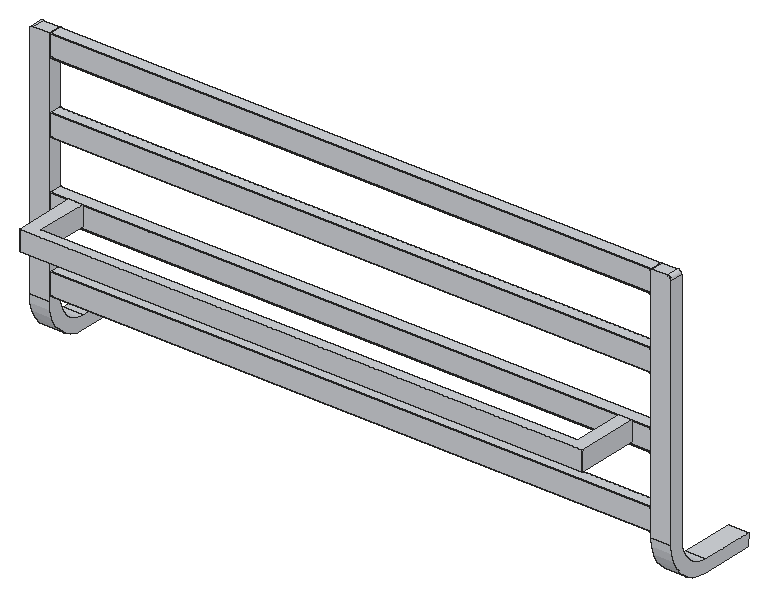
Revit family "Accessory-Towel_Bar-KOHLER-Loure-K-11745T_1", category Specialty Equipment, host Face, Revit 2021
Family settings
  Host = Face
  Round Connector Dimension = Use Diameter
  Part Type = Normal
  OmniClass Number = 23.31.25.25
  OmniClass Title = Towel Bars
  Cut with Voids When Loaded = No
  Shared = No
  Room Calculation Point = No
Parameters (values of type "CP-Polished Chrome")
  Width = 10 63/64"  # constant formula
  WaterSense Certified = 1 = 0  # no
  URL = "http://www.kohler.com.cn/"
  Type = 4
  Product Page URL = "https://www.kohler.com.cn/product/K-11745T-CP/K-11745T-CP/"
  Product Name = "Loure"  # constant formula
  Product Documentation Link = "https://files.kohler.com.cn/pdfs/loure_acc_ins.pdf"
  Model = if(Type = 1, "K-11745T-2BL", if(Type = 2, "K-11745T-BL", if(Type = 3, "K-11745T-BV", if(Type = 4, "K-11745T-CP", "NA"))))  # "K-11745T-CP"
  Material = "Premium Metal Construction"  # constant formula
  Master Format 2014 Name = "Toilet, Bath, and Laundry Accessories"  # constant formula
  Master Format 2014 = "10 28 00"  # constant formula
  Manufacturer Address = "Kohler Beijing Office (100016) 36-2-03-B, No. 88, Liuxiang Road, Beijing"  # constant formula
  Manufacturer = "Kohler Co."  # constant formula
  Length = 24 49/64"  # constant formula
  Height = 6 27/256"  # constant formula
  Finish = Kohler-Metal-CP-Polished_Chrome
  Environmental Product Declaration = ""
  Description = "24 Inch Double Towel Shelf"  # constant formula
  Default Elevation = 42"
  Declare Label = ""
  Date Modified = "10/21/2022"  # constant formula
  Date Created = "05/27/2021"  # constant formula
  Copyright = "Copyright Kohler Co."  # constant formula
  Contact Us = "http://www.kohler.com.cn/contact/contact-us/"
  Assembly Code = "C1030200"
  ADA Compliant = 1 = 0  # no
Types (5): name | Type | Product Page URL | Model | Finish
  (no name) | 4 | "https://www.kohler.com.cn/product/K-11745T-CP/K-11745T-CP/" | "K-11745T-CP" | Kohler-Metal-CP-Polished_Chrome
  CP-Polished Chrome | 4 | "https://www.kohler.com.cn/product/K-11745T-CP/K-11745T-CP/" | "K-11745T-CP" | Kohler-Metal-CP-Polished_Chrome
  2BL-Black | 1 | "https://www.kohler.com.cn/product/K-11745T-CP/K-11745T-2BL/" | "K-11745T-2BL" | KOHLER-Metal-2BL-Black
  BL-Matte Black | 2 | "" | "K-11745T-BL" | Kohler-Metal-BL-Matte_Black
  BV-Brushed Bronze | 3 | "" | "K-11745T-BV" | Kohler-Metal-BV-Brushed_Bronze
Reference planes (in)
  plane 1 "Center (Front/Back)": y = 0
  plane 2: z = 0
  plane 3 "Center (Left/Right)": x = 0
  plane 4: y = 1.87008
  plane 5: x = -12.38189
  plane 6: x = -12.00787
  plane 7: x = -11.63386
  plane 8: x = 12.38374
  plane 9: x = 12.00775
  plane 10: x = 11.63386
  plane 11: z = 0.50689
  plane 12: y = -1.37795
  plane 13: x = -10.88681
  plane 14: y = -4.23539
  plane 15: x = 10.88681
  plane 16: z = 4.74606
  plane 17: z = 5.50984
  plane 18: z = 10.98437
  plane 19: y = -1.87008
Dimensions and locks (in)
  plane 13 to plane 15 = 21.77362"
  "Height": plane 14 to plane 4
  plane 6 to plane 9 = 24 1/64"
  "Length": plane 5 to plane 8
  "Width": plane 18 to level
  aligned and locked: host face to plane 2
  aligned and locked: host face to level
Automatic sketch dimensions
  host sketch curve to host sketch curve = 96"  (x2)
Nested families (in)
  nested 1: "K-11745T" at (0, -1.87008, 0), type "K-11745T"
Definition of nested family "K-11745T"
  Parameters (values of type "K-11745T")
    Material = none
    Default Elevation = 0"
  Reference planes (in)
    plane 1 "Center (Front/Back)": y = 0
    plane 2: z = 0
    plane 3 "Center (Left/Right)": x = 0
    plane 4: z = 10.98425
    plane 5: z = 0.50689
    plane 6: y = 3.74016
    plane 7: x = -12.38189
    plane 8: x = 12.38189
    plane 9: x = -12.00787
    plane 10: x = 12.00787
    plane 11: x = -11.63386
    plane 12: x = 11.63386
    plane 13: y = 0.49213
    plane 14: y = 1.87008
    plane 15: x = -10.88681
    plane 16: x = 10.88681
    plane 17: y = -2.36676
  Forms (in)
    Extrusion 1, solid, material <- "Material", detail levels medium+fine
      sketch origin (0, 0, 0) x (0, 1, 0) y (0, 0, 1)
        loop
          line (3.74016, 0) -> (3.74016, 0.50689) -> (1.67827, 0.50689)
          arc (1.67827, 0.50689) -> (0.8465, 0.85142) -> (0.50197, 1.6832) r 1.17631
          line (0.50197, 1.6832) -> (0.50197, 11.01181) -> (0, 11.01181) -> (0, 1.68845)
          arc (0, 1.68845) -> (0.49454, 0.49454) -> (1.68845, 0) r 1.68845
          line (1.68845, 0) -> (3.74016, 0)
      from 11.645 to 12.41272
    Extrusion 2, solid, material <- "Material", detail levels medium+fine
      sketch origin (0, 0, 0) x (0, 1, 0) y (0, 0, -1)
        loop
          line (3.74016, 0) -> (1.68845, 0)
          arc (1.68845, 0) -> (0.49454, -0.49454) -> (0, -1.68845) r 1.68845
          line (0, -1.68845) -> (0, -11.01181) -> (0.49213, -11.01181) -> (0.49213, -1.6832)
          arc (0.49213, -1.6832) -> (0.83666, -0.85142) -> (1.66843, -0.50689) r 1.17631
          line (1.66843, -0.50689) -> (3.74016, -0.50689) -> (3.74016, 0)
      from 11.645 to 12.41272
    Extrusion 3, solid, material <- "Material", detail levels medium+fine
      sketch origin (0, 0, 0) x (0, 1, 0) y (0, 0, 1)
        loop
          line (0.46063, 11.01181) -> (0.03937, 11.01181)
          arc (0.03937, 11.01181) -> (0.0171, 11.00259) -> (0.00787, 10.98031) r 0.0315
          line (0.00787, 10.98031) -> (0.00787, 10.17665)
          arc (0.00787, 10.17665) -> (0.0171, 10.15438) -> (0.03937, 10.14515) r 0.0315
          line (0.03937, 10.14515) -> (0.46063, 10.14515)
          arc (0.46063, 10.14515) -> (0.4829, 10.15438) -> (0.49213, 10.17665) r 0.0315
          line (0.49213, 10.17665) -> (0.49213, 10.98031)
          arc (0.49213, 10.98031) -> (0.4829, 11.00259) -> (0.46063, 11.01181) r 0.0315
        loop
          line (0.46063, 8.25591) -> (0.03937, 8.25591)
          arc (0.03937, 8.25591) -> (0.0171, 8.24668) -> (0.00787, 8.22441) r 0.0315
          line (0.00787, 8.22441) -> (0.00787, 7.42075)
          arc (0.00787, 7.42075) -> (0.0171, 7.39847) -> (0.03937, 7.38925) r 0.0315
          line (0.03937, 7.38925) -> (0.46063, 7.38925)
          arc (0.46063, 7.38925) -> (0.4829, 7.39847) -> (0.49213, 7.42075) r 0.0315
          line (0.49213, 7.42075) -> (0.49213, 8.22441)
          arc (0.49213, 8.22441) -> (0.4829, 8.24668) -> (0.46063, 8.25591) r 0.0315
        loop
          line (0.46063, 5.5) -> (0.03937, 5.5)
          arc (0.03937, 5.5) -> (0.0171, 5.49078) -> (0.00787, 5.4685) r 0.0315
          line (0.00787, 5.4685) -> (0.00787, 4.66484)
          arc (0.00787, 4.66484) -> (0.0171, 4.64257) -> (0.03937, 4.63334) r 0.0315
          line (0.03937, 4.63334) -> (0.46063, 4.63334)
          arc (0.46063, 4.63334) -> (0.4829, 4.64257) -> (0.49213, 4.66484) r 0.0315
          line (0.49213, 4.66484) -> (0.49213, 5.4685)
          arc (0.49213, 5.4685) -> (0.4829, 5.49078) -> (0.46063, 5.5) r 0.0315
        loop
          line (0.46063, 2.74409) -> (0.03937, 2.74409)
          arc (0.03937, 2.74409) -> (0.0171, 2.73487) -> (0.00787, 2.7126) r 0.0315
          line (0.00787, 2.7126) -> (0.00787, 1.90893)
          arc (0.00787, 1.90893) -> (0.0171, 1.88666) -> (0.03937, 1.87744) r 0.0315
          line (0.03937, 1.87744) -> (0.46063, 1.87744)
          arc (0.46063, 1.87744) -> (0.4829, 1.88666) -> (0.49213, 1.90893) r 0.0315
          line (0.49213, 1.90893) -> (0.49213, 2.7126)
          arc (0.49213, 2.7126) -> (0.4829, 2.73487) -> (0.46063, 2.74409) r 0.0315
      from -11.645 to 11.645
    Sweep 4, void
      path origin (0, 0, 0) x (0, 1, 0) y (0, 0, 1)
        loop
          line (0.50197, 11.01181) -> (0, 11.01181)
      profile origin (0, 0.25098, 11.01181) x (0, 0, -1) y (1, 0, 0)
        loop
          line (-0.06412, -12.52441) -> (0.37251, -12.52441) -> (0.37251, -12.41272) -> (0.14032, -12.41272)
          arc (0.14032, -12.41272) -> (0.0411, -12.37162) -> (0, -12.2724) r 0.14032
          line (0, -12.2724) -> (0, -12.04645) -> (-0.06412, -12.04645) -> (-0.06412, -12.52441)
        loop
          line (-0.06412, 12.52441) -> (-0.06412, 12.04645) -> (0, 12.04645) -> (0, 12.2724)
          arc (0, 12.2724) -> (0.0411, 12.37162) -> (0.14032, 12.41272) r 0.14032
          line (0.14032, 12.41272) -> (0.37251, 12.41272) -> (0.37251, 12.52441) -> (-0.06412, 12.52441)
    Extrusion 5, solid, material <- "Material", detail levels coarse
      sketch origin (0, 0, 0) x (0, 1, 0) y (0, 0, 1)
        loop
          line (3.74016, 0.50689) -> (0.49213, 0.50689) -> (0.49213, 10.98425) -> (0, 10.98425) -> (0, 0) -> (3.74016, 0) -> (3.74016, 0.50689)
      from -12.38189 to -11.63386
    Extrusion 6, solid, material <- "Material", detail levels coarse
      sketch origin (0, 0, 0) x (0, 1, 0) y (0, 0, -1)
        loop
          line (3.74016, -0.50689) -> (3.74016, 0) -> (0, 0) -> (0, -10.98425) -> (0.49213, -10.98425) -> (0.49213, -0.50689) -> (3.74016, -0.50689)
      from -12.38189 to -11.63386
    Extrusion 7, solid, material <- "Material", detail levels coarse
      sketch origin (0, 0, 0) x (0, 1, 0) y (0, 0, 1)
        loop
          line (0.49213, 2.74666) -> (0, 2.74666) -> (0, 1.87688) -> (0.49213, 1.87688) -> (0.49213, 2.74666)
        loop
          line (0.49213, 5.50312) -> (0, 5.50312) -> (0, 4.63334) -> (0.49213, 4.63334) -> (0.49213, 5.50312)
        loop
          line (0.49213, 8.25903) -> (0, 8.25903) -> (0, 7.38925) -> (0.49213, 7.38925) -> (0.49213, 8.25903)
        loop
          line (0.49213, 10.98425) -> (0, 10.98425) -> (0, 10.11448) -> (0.49213, 10.11448) -> (0.49213, 10.98425)
      from -11.63386 to 11.63386
    Extrusion 8, solid, material <- "Material", detail levels medium+fine
      sketch origin (0, 0, 0) x (1, 0, 0) y (0, 1, 0)
        loop
          line (-10.88681, 0.00888) -> (-10.88681, -2.34552)
          arc (-10.88681, -2.34552) -> (-10.88059, -2.36054) -> (-10.86558, -2.36676) r 0.02123
          line (-10.86558, -2.36676) -> (10.86725, -2.36676)
          arc (10.86725, -2.36676) -> (10.88108, -2.36103) -> (10.88681, -2.34719) r 0.01956
          line (10.88681, -2.34719) -> (10.88681, 0.00888) -> (10.37697, 0.00888) -> (10.37697, -1.97699) -> (-10.37566, -1.97699) -> (-10.37566, 0.00888) -> (-10.88681, 0.00888)
      from 4.74606 to 5.50984
    Extrusion 9, solid, material <- "Material", detail levels coarse
      sketch origin (0, 0, 0) x (1, 0, 0) y (0, 1, 0)
        loop
          line (-10.88681, 0.01242) -> (-10.88681, -2.44443) -> (10.96358, -2.44443) -> (10.96358, 0.01242) -> (10.26884, 0.01242) -> (10.26884, -1.9685) -> (-10.2036, -1.9685) -> (-10.2036, 0.01242) -> (-10.88681, 0.01242)
      from 4.63334 to 5.50312
  Cuts and joins
    Sweep 4 cuts Extrusion 1
    Sweep 4 cuts Extrusion 2
    joined: Extrusion 1, Extrusion 2
    joined: Extrusion 5, Extrusion 6, Extrusion 7
    Sweep 4 cuts Extrusion 3
  Lines and regions (in)
    Masking region 1
      outline origin (0, 0, 0) x (1, 0, 0) y (0, 0, 1)
        loop
          line (12.38189, 0) -> (12.38189, 10.84445)
          arc (12.38189, 10.84445) -> (12.34094, 10.9433) -> (12.24209, 10.98425) r 0.1398
          line (12.24209, 10.98425) -> (-12.24209, 10.98425)
          arc (-12.24209, 10.98425) -> (-12.34094, 10.9433) -> (-12.38189, 10.84445) r 0.1398
          line (-12.38189, 10.84445) -> (-12.38189, 0) -> (-11.63386, 0) -> (-11.63386, 1.87744) -> (11.63386, 1.87744) -> (11.63386, 0) -> (12.38189, 0)
        loop
          line (11.63386, 8.25591) -> (11.63386, 10.14515) -> (-11.63386, 10.14515) -> (-11.63386, 8.25591) -> (11.63386, 8.25591)
        loop
          line (-11.63386, 7.38925) -> (-11.63386, 5.5) -> (11.63386, 5.5) -> (11.63386, 7.38925) -> (-11.63386, 7.38925)
        loop
          line (-11.63386, 4.63334) -> (-11.63386, 2.74409) -> (11.63386, 2.74409) -> (11.63386, 4.63334) -> (-11.63386, 4.63334)
    Masking region 2
      outline origin (0, 0, 0) x (1, 0, 0) y (0, 1, 0)
        loop
          line (-12.38189, 0) -> (-10.88681, 0) -> (-10.88681, -2.34584)
          arc (-10.88681, -2.34584) -> (-10.88069, -2.36063) -> (-10.8659, -2.36676) r 0.02091
          line (-10.8659, -2.36676) -> (10.86659, -2.36676)
          arc (10.86659, -2.36676) -> (10.88089, -2.36083) -> (10.88681, -2.34654) r 0.02022
          line (10.88681, -2.34654) -> (10.88681, 0) -> (12.38189, 0) -> (12.38189, 3.74016) -> (11.63386, 3.74016) -> (11.63386, 0.49213) -> (-11.63386, 0.49213) -> (-11.63386, 3.74016) -> (-12.38189, 3.74016) -> (-12.38189, 0)
        loop
          line (-10.37566, -1.97699) -> (10.37697, -1.97699) -> (10.37697, 0) -> (-10.37566, 0) -> (-10.37566, -1.97699)
    Masking region 3
      outline origin (0, 0, 0) x (0, 1, 0) y (0, 0, 1)
        loop
          line (0.49213, 10.98425) -> (0, 10.98425) -> (0, 5.50984) -> (-2.36676, 5.50984) -> (-2.36676, 4.74606) -> (0, 4.74606) -> (0, 1.69052)
          arc (0, 1.69052) -> (0.49514, 0.49514) -> (1.69052, 0) r 1.69052
          line (1.69052, 0) -> (3.74016, 0) -> (3.74016, 0.50689) -> (1.67, 0.50689)
          arc (1.67, 0.50689) -> (0.83712, 0.85188) -> (0.49213, 1.68476) r 1.17787
          line (0.49213, 1.68476) -> (0.49213, 10.98425)
    symbolic lines, detail levels medium+fine
      curve 1: line (11.63386, 0, 8.25591) -> (11.63386, 0, 7.38925)
      curve 2: line (11.63386, 0, 5.5) -> (11.63386, 0, 4.63334)
      curve 3: line (11.63386, 0, 2.74409) -> (11.63386, 0, 1.87744)
      curve 4: line (-11.63386, 0, 8.25591) -> (-11.63386, 0, 7.38925)
      curve 5: line (-11.63386, 0, 5.5) -> (-11.63386, 0, 4.63334)
      curve 6: line (-11.63386, 0, 2.74409) -> (-11.63386, 0, 1.87744)
      curve 7: line (11.63386, 0, 10.98425) -> (11.63386, 0, 10.14515)
      curve 8: line (-11.63386, 0, 10.98425) -> (-11.63386, 0, 10.14515)
      curve 9: line (12.38189, 0, 0.50689) -> (11.63386, 0, 0.50689)
      curve 10: line (-12.38189, 0, 0.50689) -> (-11.63386, 0, 0.50689)
      curve 11: line (-12.38189, 0.49213, 0) -> (-11.63386, 0.49213, 0)
      curve 12: line (11.63386, 0.49213, 0) -> (12.37976, 0.49213, 0)
      curve 13: line (-11.63386, 0, 0) -> (-11.63386, 0.49213, 0)
      curve 14: line (11.63386, 0, 0) -> (11.63386, 0.49213, 0)
      curve 15: line (-12.38189, 0, 0) -> (12.38189, 0, 0)
      curve 16: line (0, 0, 5.50984) -> (0, 0, 4.74606)
  Dimensions and locks (in)
    locked: plane 4 to level at 10.98425
    level to plane 4 = 10.98425"
    plane 4 to level = 10.98425"
    locked: plane 1 "Center (Front/Back)" to plane 6 at 3.74016
    locked: plane 7 to plane 8 at 24.76378
    locked: plane 6 to plane 14 at 1.87008
    plane 7 to plane 8 = 24.76378"  (x2)
    plane 9 to plane 10 = 24.01575"
    plane 15 to plane 16 = 21.77362"
    plane 17 to plane 1 "Center (Front/Back)" = 2.36676"
    aligned and locked: plane 2 to level
    aligned and locked: Masking region 1 sketch curve to Masking region 1 sketch curve
